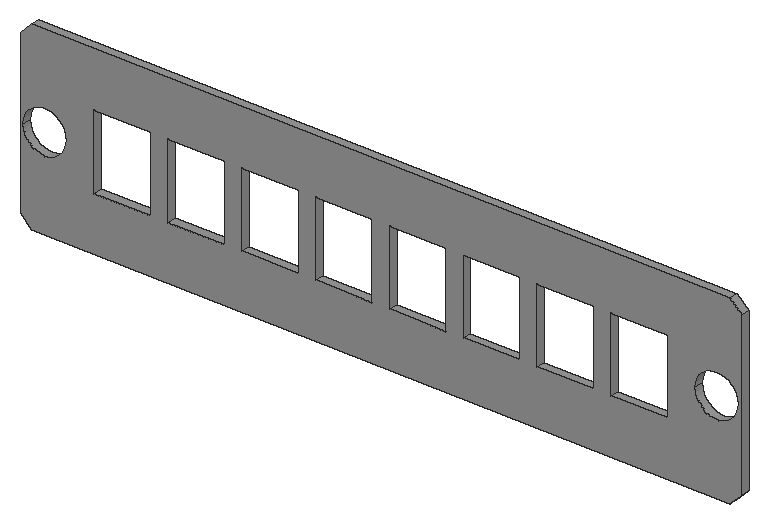
Revit family "ITK_Панель для 8-ми оптических адаптеров (SC или LC-Duplex в 19 кросс)", category Обобщенные модели, Revit 2019
Family settings
  Может служить основой для арматурных стержней = Нет
  Размер круглого соединителя = Использовать диаметр
  Тип детали = Нормальный
  На основе рабочей плоскости = Нет
  Всегда вертикально = Да
  При загрузке вырезать с полостями = Нет
  Общий = Нет
  Точка расчета площади = Нет
Parameters (values of type "FOBX-P8-SC")
  Ширина = 125 mm
  Степень защиты = ""
  Материал = Окраска - RAL 7035
  Изготовитель = "ITK"  # constant formula
  Дата изменения = ""
  Тип монтажа = ""  # constant formula
  Глубина = 1.5 mm
  Высота = 32 mm
  URL = "https://www.iek.ru/"
  KSI_CPr_Строительные изделия = "61.1.04.08"  # constant formula
  KSI_CMa_Строительные материалы = "10.03.02.06"  # constant formula
  IEK_Цена за единицу = 49.82
  IEK_Поиск в таблице имен = ""
  IEK_Описание = "Изготовлены из высококачественных материалов.\r\nСоответствие международным стандартам и ГОСТ Р."
  IEK_URL = "https://www.itk-group.ru/produktsiya/catalog/oborudovanie_telekommunikatsionnoe/komponenty_sks_opticheskie/komponenty_sks_opticheskie/opticheskie_krossy_19/itk_panel_dlya_8_mi_opticheskikh_adapterov_sc_ili_lc_duplex_v_19_kross"
  ADSK_Примечание = ""
  ADSK_Позиция [instance] = ""
  ADSK_Наименование = "ITK Панель для 8-ми оптических адаптеров (SC или LC-Duplex в 19\" кросс)"
  ADSK_Материал обозначение = ""
  ADSK_Материал наименование = "Листовая сталь"  # constant formula
  ADSK_Масса = 0.1
  ADSK_Марка = ""  # constant formula
  ADSK_Код изделия = "FOBX-P8-SC"
  ADSK_Завод-изготовитель = "IEK"  # constant formula
  ADSK_Единица измерения = "шт"  # constant formula
  ADSK_Группирование = "I. ЩИТЫ И ПУЛЬТЫ"  # constant formula
  ADSK_Версия семейства = "1.0"  # constant formula
  ADSK_Версия Revit = "2019"  # constant formula
  ADSK_URL страницы изделия = "https://www.itk-group.ru/produktsiya/catalog/oborudovanie_telekommunikatsionnoe/komponenty_sks_opticheskie/komponenty_sks_opticheskie/opticheskie_krossy_19/?pagec=30"
Reference planes
  plane 1 "По центру (Вперед/Назад)": y = 0
  plane 2: z = 0
  plane 3 "По центру (Влево/Вправо)": x = 0
  plane 4: z = 32
  plane 5: x = -62.5
  plane 6: x = 62.5
  plane 7: y = -1.5
Forms (mm)
  Extrusion 1, solid, detail levels coarse+medium
    sketch origin (0, 0, 0) x (1, 0, 0) y (0, 1, 0)
      loop
        line (-62.5, 0) -> (-62.5, -1.5) -> (62.5, -1.5) -> (62.5, 0) -> (-62.5, 0)
    from 32 <- "Высота" to 0
  Extrusion 2, solid, material "Окраска - RAL 7035" <- "Материал", detail levels fine
    sketch origin (0, 0, 0) x (1, 0, 0) y (0, 0, 1)
      loop
        line (-62.5, 30) -> (-62.5, 2) -> (-60.5, 0) -> (60.5, 0) -> (62.5, 2) -> (62.5, 30) -> (60.5, 32) -> (-60.5, 32) -> (-62.5, 30)
      loop
        circle (-58.25, 16) r 3.75
      loop
        line (-49.7, 22.5) -> (-49.7, 9.5) -> (-39.9, 9.5) -> (-39.9, 22.5) -> (-49.7, 22.5)
      loop
        line (-36.9, 22.5) -> (-36.9, 9.5) -> (-27.1, 9.5) -> (-27.1, 22.5) -> (-36.9, 22.5)
      loop
        line (-24.1, 22.5) -> (-24.1, 9.5) -> (-14.3, 9.5) -> (-14.3, 22.5) -> (-24.1, 22.5)
      loop
        line (1.5, 22.5) -> (1.5, 9.5) -> (11.3, 9.5) -> (11.3, 22.5) -> (1.5, 22.5)
      loop
        line (-11.3, 22.5) -> (-11.3, 9.5) -> (-1.5, 9.5) -> (-1.5, 22.5) -> (-11.3, 22.5)
      loop
        line (14.3, 22.5) -> (14.3, 9.5) -> (24.1, 9.5) -> (24.1, 22.5) -> (14.3, 22.5)
      loop
        line (27.1, 22.5) -> (27.1, 9.5) -> (36.9, 9.5) -> (36.9, 22.5) -> (27.1, 22.5)
      loop
        line (39.9, 22.5) -> (39.9, 9.5) -> (49.7, 9.5) -> (49.7, 22.5) -> (39.9, 22.5)
      loop
        circle (58.25, 16) r 3.75
    from 0 to 1.5
Dimensions and locks
  "Высота": plane 4 to level
  equal spacing: plane 6, plane 3 "По центру (Влево/Вправо)", plane 5
  "Ширина": plane 6 to plane 5
  "Глубина": plane 1 "По центру (Вперед/Назад)" to plane 7
  aligned and locked: level to plane 2
Automatic sketch dimensions
  Extrusion 1 sketch curve to plane 5 = 0 mm
  Extrusion 1 sketch curve to plane 6 = 0 mm
  Extrusion 1 sketch curve to plane 7 = 0 mm
  plane 1 "По центру (Вперед/Назад)" to Extrusion 1 sketch curve = 0 mm
  Extrusion 2 sketch curve to plane 5 = 0 mm
  Extrusion 2 sketch curve to level = 0 mm
  Extrusion 2 sketch curve to plane 6 = 0 mm
  plane 5 to Extrusion 2 sketch curve = 2 mm  (x2)
  plane 4 to Extrusion 2 sketch curve = 0 mm
  plane 5 to Extrusion 2 sketch curve = 4.25 mm
  Extrusion 2 sketch curve to Extrusion 2 sketch curve = 8.55 mm
  Extrusion 2 sketch curve to Extrusion 2 sketch curve = 9.8 mm  (x7)
  Extrusion 2 sketch curve to Extrusion 2 sketch curve = 3 mm  (x6)
  Extrusion 2 sketch curve to plane 3 "По центру (Влево/Вправо)" = 1.5 mm
  plane 3 "По центру (Влево/Вправо)" to Extrusion 2 sketch curve = 1.5 mm
  Extrusion 2 sketch curve to plane 6 = 4.25 mm
  Extrusion 2 sketch curve to plane 6 = 2 mm  (x2)
  level to Extrusion 2 sketch curve = 2 mm  (x2)
  level to Extrusion 2 sketch curve = 9.5 mm  (x5)
  Extrusion 2 sketch curve to Extrusion 2 sketch curve = 0 mm  (x6)
  Extrusion 2 sketch curve to Extrusion 2 sketch curve = 6.5 mm  (x2)
  Extrusion 2 sketch curve to plane 4 = 9.5 mm  (x5)
  Extrusion 2 sketch curve to plane 4 = 2 mm  (x2)
  radius of Extrusion 2 sketch curve = 3.75 mm  (x2)
